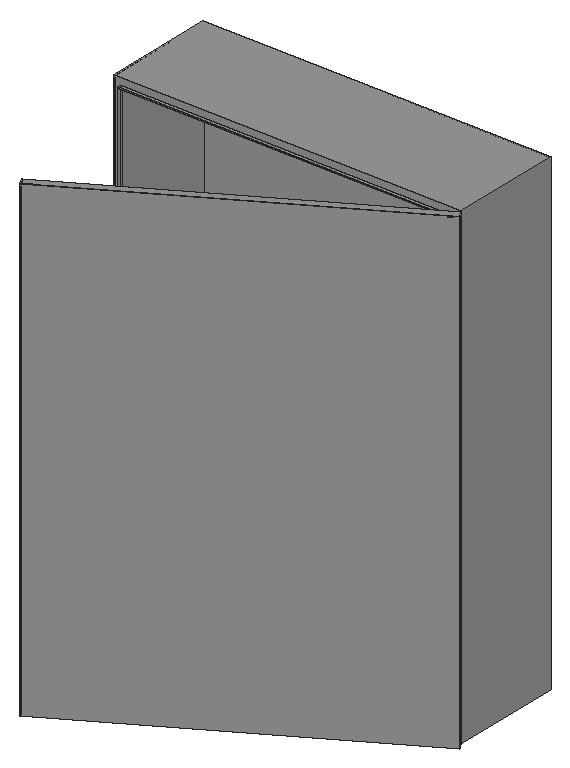
Revit family "Hager-Univers-IP55-D275-H1100-Cl.I-Steel_encl-NoHosted-AT-de", category Equipement électrique, Revit 2020
Family settings
  Configuration du panneau = Deux colonnes, circuits au sein
  Cote de connecteur circulaire = Utiliser le diamètre
  Type d'élément = Tableau de raccordement
  Basée sur le plan de construction = Oui
  Toujours verticalement = Oui
  Couper avec des vides une fois chargée = Non
  Partagée = Non
  Point de calcul de pièce = Non
Parameters (values of type "Aufputz IP55 B800 H1100 T275  - FR73E")
  Width Control [instance] = if([EF000008 - Breite] > Min Width, [EF000008 - Breite], Min Width)  # 800 mm
  Commentaires du type = [HG000003 - Bereich]  # "Univers"
  Thickness Door [instance] = if([EF009171 - Materialstärke Tür/Deckel] > 3 mm, 3 mm, [EF009171 - Materialstärke Tür/Deckel])  # 1.5 mm
  Seal Frame Offset [instance] = 17 mm  # constant formula
  Plinth Visibility [instance] = [HG000027 - Sockelhöhe] > 0 mm  # no
  Min Width [instance] = 100 mm  # constant formula
  Min Depth [instance] = (2 * [EF009170 - Materialstärke Gehäuse]) + 1 mm  # 4 mm
  Min Height [instance] = 100 mm  # constant formula
  Internal Frame Depth [instance] = (Door System Depth * 0.5)  # 9 mm
  Panel Name [instance] = ""  # (empty or 0)
  Model = ""
  HG000027 - Sockelhöhe = 0 mm
  HG000026 - Stehend auf dem Boden = no
  HG000024 - Höhe des unteren Teils = 600 mm
  HG000023 - Gehäuse mit doppeltem Querschnitt = no
  HG000016 - 3D-Türsichtbarkeit [instance] = yes
  HG000015 - Sichtbarkeit der Türöffnung [instance] = no
  HG000014 - Tür rechts [instance] = yes
  HG000013 - Tür links [instance] = not([HG000014 - Tür rechts])  # no
  HG000012 - Türschwenkwinkel [instance] = 30.00°
  HG000010 - Asymmetrische Türen = no
  HG000009 - Doppelflügeligen Tür = no
  HG000006 - Unterputz = no
  HG000004 - Herstellerreferenz = "FR73E"
  HG000003 - Bereich = "Univers"
  HG000002 - Mit tür = yes
  Frame Offset Bottom [instance] = 10 mm  # constant formula
  Frame Offset [instance] = 15 mm  # constant formula
  EF015940 - Deckel mit Überdruckentlastung = no
  EF011959 - Schutzart (NEMA) = ""
  EF009554 - Anzahl der Öffnungen für Flanschplatten = 6
  EF009212 - Ausführung Deckel = "EV000116 - geschlossen"
  EF009171 - Materialstärke Tür/Deckel = 1.5 mm
  EF009170 - Materialstärke Gehäuse = 1.5 mm
  EF008873 - Nennstrom (In) = 800 A
  EF007800 - Geeignet für Blitzschutz = no
  EF006306 - Mit Schloss = no
  EF006244 - Transparenter Deckel/Tür = no
  EF005474 - Schutzart (IP) = "EV006420 - IP55"
  EF004464 - Art der Tür = "EV002646 - Einzel"
  EF004427 - Anzahl der Module = 252
  EF004293 - Schlagfestigkeit = "EV008784 - IK10"
  EF003532 - Geeignet für Außengebrauch = no
  EF002950 - Breite in Teilungseinheiten = 24
  EF001613 - Funktionserhalt = "EV000494 - ohne"
  EF001596 - Werkstoff des Gehäuses = "EV000179 - Stahl"
  EF001131 - Innentiefe = 275 mm
  EF001088 - Anbaumöglichkeit = yes
  EF000437 - Anzahl der Leitungseinführungen = 6
  EF000339 - Art der Abdeckung = "EV004216 - Tür"
  EF000266 - Anzahl der Reihen = 7
  EF000218 - Einbautiefe = 0 mm
  EF000118 - Mit Montageplatte = no
  EF000116 - RAL-Nummer = "7035"
  EF000049 - Tiefe = 275 mm
  EF000040 - Höhe = 1100 mm
  EF000008 - Breite = 800 mm
  EF000007 - Farbe = "EV000270 - grau"
  EF000003 - Montageart = "EV000384 - Aufputz"
  Door System Leaf Tolerance [instance] = 1.5 mm  # constant formula
  Door System Depth [instance] = 18 mm  # constant formula
  Door Height [instance] = Height Control - [HG000027 - Sockelhöhe]  # 1100 mm
  Description = ""
  Default Elevation = 1219.2 mm
  Connector Offset [instance] = Height Control / 2  # 550 mm
  Fabricant = "Hager"  # constant formula
  Height Control [instance] = if([EF000040 - Höhe] > Min Height, [EF000040 - Höhe], Min Height)  # 1100 mm
  Depth Control [instance] = if([EF000049 - Tiefe] > Min Depth, [EF000049 - Tiefe], Min Depth)  # 275 mm
  Bottom Top Plate Trim [instance] = 1.5 mm  # constant formula
  Plinth height Ctrl [instance] = if([HG000027 - Sockelhöhe] > 0 mm, [HG000027 - Sockelhöhe], 12 mm)  # 12 mm
Types (5, lengths in mm): name | Width Control | HG000010 - Asymmetrische Türen | HG000009 - Doppelflügeligen Tür | HG000004 - Herstellerreferenz | EF009554 - Anzahl der Öffnungen für Flanschplatten | EF004464 - Art der Tür | EF004427 - Anzahl der Module | EF000437 - Anzahl der Leitungseinführungen | EF000008 - Breite
  Aufputz IP55 B1050 H1100 T275  - FR74E | 1050 | no | yes | "FR74E" | 8 | "EV003602 - Doppel" | 336 | 8 | 1050
  Aufputz IP55 B1300 H1100 T275  - FR75E | 1300 | yes | yes | "FR75E" | 10 | "EV003602 - Doppel" | 420 | 10 | 1300
  Aufputz IP55 B300 H1100 T275  - FR71E | 300 | no | no | "FR71E" | 2 | "EV002646 - Einzel" | 84 | 2 | 300
  Aufputz IP55 B550 H1100 T275  - FR72E | 550 | no | no | "FR72E" | 4 | "EV002646 - Einzel" | 168 | 4 | 550
  Aufputz IP55 B800 H1100 T275  - FR73E | 800 | no | no | "FR73E" | 6 | "EV002646 - Einzel" | 252 | 6 | 800
Reference planes
  plane 1 "Center (Front/Back)": y = 0
  plane 2: z = 0
  plane 3 "Center (Left/Right)": x = 0
  plane 4: y = 0
  plane 5: y = 0
  plane 6: z = 0
  plane 7: x = -400
  plane 8: x = 400
  plane 9: x = 398.5
  plane 10: x = -398.5
  plane 11: z = 0
  plane 12: z = 1.5
  plane 13: y = -275
  plane 14: y = -1.5
  plane 15: x = 0
  plane 16: y = -257
  plane 17: y = -273.5
  plane 18: y = -255.5
  plane 19: x = -383.5
  plane 20: x = 383.5
  plane 21: z = 11.5
  plane 22: x = -383
  plane 23: x = 383
  plane 24: z = 0
  plane 25: z = 1100
  plane 26: z = 1100
  plane 27: z = 1083.5
  plane 28: z = 1098.5
Forms (mm)
  Extrusion 1, solid, material "Hager_Steel_RAL7035_Light_Grey", detail levels medium+fine
    sketch origin (-208.679, -4572, 0) x (-1, 0, 0) y (0, -1, 0)
      loop
        line (191.321, -4315) -> (-608.679, -4315) -> (-608.679, -4572) -> (191.321, -4572) -> (191.321, -4315)
    from 0 to 1100
  Extrusion 2, void
    sketch origin (-350.771, -275, 1219.2) x (1, 0, 0) y (0, 0, 1)
      loop
        line (-47.729, -120.7) -> (-47.729, -1217.7) -> (749.271, -1217.7) -> (749.271, -120.7) -> (-47.729, -120.7)
    from -19.5 to -273.5
  Extrusion 3, void
    sketch origin (-290.084, -257, 1219.2) x (1, 0, 0) y (0, 0, 1)
      loop
        line (-93.416, -1207.7) -> (673.584, -1207.7) -> (673.584, -135.7) -> (-93.416, -135.7) -> (-93.416, -1207.7)
    from 0 to -1.5
  Extrusion 4, solid, material "Hager_Steel_RAL7035_Light_Grey", visible <- "Plinth Visibility", detail levels medium+fine
    sketch origin (0, 0, 0) x (1, 0, 0) y (0, 1, 0)
      loop
        line (-400, 0) -> (-400, -257) -> (400, -257) -> (400, 0) -> (-400, 0)
    from 0 to 12 <- "Plinth height Ctrl"
  Extrusion 5, solid, material "Hager_Steel_RAL7035_Light_Grey", detail levels coarse
    sketch origin (0, 0, 0) x (1, 0, 0) y (0, 1, 0)
      loop
        line (-400, 0) -> (-400, -275) -> (400, -275) -> (400, 0) -> (-400, 0)
    from 0 to 1100 <- "Height Control"
  Sweep 6, void
    path in 3D
      loop
        line (-400, -257, 12) -> (400, -257, 12) -> (400, 0, 12) -> (-400, 0, 12) -> (-400, -257, 12)
    profile origin (-400, -128.5, 12) x (1, 0, 0) y (0, 0, 1)
      loop
        line (0, 0) -> (0, -1.5) -> (1.5, -1.5)
        arc (1.5, -1.5) -> (1.061, -0.439) -> (0, 0) r 1.5
  Extrusion 7, solid, material "Hager_Steel_RAL7035_Light_Grey", detail levels fine
    sketch origin (-400, -257, 0) x (1, 0, 0) y (0, 0, 1)
      loop
        line (16.5, 11.5) -> (783.5, 11.5) -> (783.5, 1083.5) -> (16.5, 1083.5) -> (16.5, 11.5)
      loop
        line (15, 10) -> (785, 10) -> (785, 1085) -> (15, 1085) -> (15, 10)
    from 0 to 9 <- "Internal Frame Depth"
Cuts and joins
  Extrusion 2, Extrusion 3 cuts Extrusion 1
  Sweep 6 cuts Extrusion 4
Lines and regions (mm)
  Masking region 1
    outline origin (0, 0, 0) x (1, 0, 0) y (0, 1, 0)
      loop
        line (-400, 0) -> (-400, -275) -> (400, -275) -> (400, 0) -> (-400, 0)
  Masking region 2, detail levels coarse
    outline origin (-290.084, -257, 1219.2) x (-1, 0, 0) y (0, 0, 1)
      loop
        line (-690.084, -1219.2) -> (109.916, -1219.2) -> (109.916, -119.2) -> (-690.084, -119.2) -> (-690.084, -1219.2)
  Masking region 3, detail levels coarse
    outline origin (0, 0, 0) x (0, 1, 0) y (0, 0, 1)
      loop
        line (0, 0) -> (0, 1100) -> (-275, 1100) -> (-275, 0) -> (0, 0)
  Masking region 4, visible <- "Plinth Visibility", detail levels medium+fine
    outline origin (0, 0, 0) x (0, 1, 0) y (0, 0, 1)
      loop
        line (-1.5, 12) -> (-255.5, 12)
        arc (-255.5, 12) -> (-255.939, 10.939) -> (-257, 10.5) r 1.5
        line (-257, 10.5) -> (-257, 0) -> (0, 0) -> (0, 10.5)
        arc (0, 10.5) -> (-1.061, 10.939) -> (-1.5, 12) r 1.5
  Masking region 5, detail levels medium+fine
    outline origin (0, 0, 594.038) x (0, 1, 0) y (0, 0, 1)
      loop
        line (0, -594.038) -> (0, 505.962) -> (-257, 505.962) -> (-257, -594.038) -> (0, -594.038)
  Masking region 6, detail levels medium+fine
    outline origin (-359.7, -257, 1211.883) x (-1, 0, 0) y (0, 0, 1)
      loop
        line (-759.7, -1211.883) -> (40.3, -1211.883) -> (40.3, -111.883) -> (-759.7, -111.883) -> (-759.7, -1211.883)
  Masking region 7, visible <- "Plinth Visibility", detail levels medium+fine
    outline origin (-320.334, -257, 1041.368) x (-1, 0, 0) y (0, 0, 1)
      loop
        line (-720.334, -1041.368) -> (79.666, -1041.368) -> (79.666, -1030.868)
        arc (79.666, -1030.868) -> (78.606, -1030.429) -> (78.166, -1029.368) r 1.5
        line (78.166, -1029.368) -> (-718.834, -1029.368)
        arc (-718.834, -1029.368) -> (-719.273, -1030.429) -> (-720.334, -1030.868) r 1.5
        line (-720.334, -1030.868) -> (-720.334, -1041.368)
  sketch lines
    curve 1: line (-400, 0, 12) -> (-400, -257, 12)
    curve 2: line (-400, -257, 12) -> (400, -257, 12)
    curve 3: line (400, 0, 12) -> (-400, 0, 12)
    curve 4: line (400, -257, 12) -> (400, 0, 12)
Dimensions and locks
  locked: plane 1 "Center (Front/Back)" to plane 5
  "EF009170 - Materialstärke Gehäuse": plane 7 to plane 10
  "EF009170 - Materialstärke Gehäuse": plane 8 to plane 9
  equal spacing: plane 7, plane 3 "Center (Left/Right)", plane 8
  "Width Control": plane 7 to plane 8
  "Depth Control": plane 4 to plane 13
  "EF009170 - Materialstärke Gehäuse": plane 4 to plane 14
  "Height Control": plane 25 to level
  "HG000027 - Sockelhöhe": plane 11 to level
  "EF009170 - Materialstärke Gehäuse": plane 12 to plane 11
  "EF009170 - Materialstärke Gehäuse": plane 17 to plane 13
  "EF009170 - Materialstärke Gehäuse": plane 18 to plane 16
  "Frame Offset Bottom": plane 21 to plane 12
  "Frame Offset": plane 10 to plane 19
  "Frame Offset": plane 9 to plane 20
  "Door System Depth": plane 16 to plane 13
  "Seal Frame Offset": plane 7 to plane 22
  "Seal Frame Offset": plane 8 to plane 23
  "EF009170 - Materialstärke Gehäuse": plane 26 to plane 28
  "Frame Offset": plane 28 to plane 27
  "Connector Offset": plane 2 to connector elem
  "Bottom Top Plate Trim": profile plane to Sweep 6 sketch curve
  "Bottom Top Plate Trim": Sweep 6 sketch curve to Sweep 6 sketch curve
  "Plinth height Ctrl": Masking region 4 sketch curve to level
  "Plinth height Ctrl": Masking region 7 sketch curve to level
  "Thickness Door": Extrusion 7 sketch curve to Extrusion 7 sketch curve  (x4)
  "Bottom Top Plate Trim": radius of Sweep 6 sketch curve
  "Bottom Top Plate Trim": radius of Masking region 4 sketch curve  (x2)
  "Bottom Top Plate Trim": radius of Masking region 7 sketch curve  (x2)
  aligned and locked: Extrusion 2 sketch curve to plane 12
  aligned and locked: Extrusion 2 sketch curve to plane 9
  aligned and locked: Extrusion 2 sketch curve to plane 10
  aligned and locked: Extrusion 2 to plane 14
  aligned and locked: Extrusion 1 sketch curve to plane 4
  aligned and locked: plane 8 to Extrusion 1 sketch curve
  aligned and locked: plane 7 to Extrusion 1 sketch curve
  aligned and locked: Extrusion 2 to plane 18
  aligned and locked: Extrusion 3 sketch curve to plane 19
  aligned and locked: plane 20 to Extrusion 3 sketch curve
  aligned and locked: Extrusion 3 to Extrusion 2
  aligned and locked: Extrusion 3 sketch curve to plane 21
  aligned and locked: plane 3 "Center (Left/Right)" to nested 1
  aligned and locked: Extrusion 1 sketch curve to plane 16
  aligned and locked: Extrusion 4 sketch curve to cut or joined group of Extrusion 1, Extrusion 2, Extrusion 3
  aligned and locked: Masking region 1 sketch curve to plane 7
  aligned and locked: Masking region 1 sketch curve to plane 5
  aligned and locked: Masking region 1 sketch curve to plane 8
  aligned and locked: Masking region 2 sketch curve to level
  aligned and locked: level to Masking region 3 sketch curve
  aligned and locked: plane 1 "Center (Front/Back)" to Masking region 3 sketch curve
  aligned and locked: plane 13 to Masking region 3 sketch curve
  aligned and locked: plane 5 to Masking region 4 sketch curve
  aligned and locked: Masking region 2 sketch curve to plane 8
  aligned and locked: Masking region 2 sketch curve to plane 7
  aligned and locked: plane 7 to nested 2
  aligned and locked: nested 2 to plane 5
  aligned and locked: plane 5 to Masking region 5 sketch curve
  aligned and locked: plane 26 to Masking region 5 sketch curve
  aligned and locked: Extrusion 5 sketch curve to plane 8
  aligned and locked: Extrusion 5 sketch curve to plane 7
  aligned and locked: Extrusion 5 sketch curve to plane 5
  aligned and locked: Extrusion 3 sketch curve to plane 27
  aligned and locked: Extrusion 2 sketch curve to plane 28
  aligned and locked: Masking region 2 to plane 25
  aligned and locked: Extrusion 4 to plane 16
  aligned and locked: profile plane to Sweep 6 sketch curve
  aligned and locked: Masking region 5 sketch curve to plane 24
  aligned and locked: level to Masking region 4 sketch curve
  aligned and locked: Masking region 1 to plane 13
  aligned and locked: nested 1 to plane 16
  aligned and locked: Masking region 3 to plane 25
  aligned and locked: plane 16 to Masking region 4 sketch curve
  aligned and locked: Masking region 5 sketch curve to plane 16
  aligned and locked: plane 24 to plane 11
  aligned and locked: plane 26 to plane 25
  aligned and locked: plane 26 to cut or joined group of Extrusion 1, Extrusion 2, Extrusion 3
  aligned and locked: nested 1 to plane 24
  aligned and locked: Extrusion 1 to Extrusion 3
  aligned and locked: Masking region 6 sketch curve to plane 8
  aligned and locked: Masking region 6 sketch curve to plane 24
  aligned and locked: Masking region 6 sketch curve to plane 7
  aligned and locked: Masking region 6 sketch curve to plane 26
  aligned and locked: Masking region 7 sketch curve to plane 7
  aligned and locked: level to Masking region 7 sketch curve
  aligned and locked: Masking region 7 sketch curve to plane 8
  aligned and locked: Extrusion 7 sketch curve to cut or joined group of Extrusion 1, Extrusion 2, Extrusion 3  (x4)
Automatic sketch dimensions
  plane 19 to Extrusion 3 sketch curve = 0 mm
  Extrusion 3 sketch curve to plane 20 = 0 mm
  Extrusion 3 sketch curve to plane 21 = 0 mm
  Extrusion 4 sketch curve to plane 7 = 0 mm
  Extrusion 4 sketch curve to plane 8 = 0 mm
  Extrusion 4 sketch curve to plane 16 = 0 mm
  Masking region 1 sketch curve to plane 13 = 0 mm
  Masking region 2 sketch curve to plane 25 = 0 mm
  Masking region 3 sketch curve to plane 25 = 0 mm
  Extrusion 5 sketch curve to plane 13 = 0 mm
  profile plane to Sweep 6 sketch curve = 0 mm
Nested families
  nested 1: "EC000058_Univers_Door" at (0, -257, 0), Double <- "HG000009 - Doppelflügeligen Tür", Transparent <- "EF006244 - Transparenter Deckel/Tür", Angle <- "HG000012 - Türschwenkwinkel", Door_Right <- "HG000014 - Tür rechts", Assymetrical <- "HG000010 - Asymmetrische Türen", Door <- "HG000002 - Mit tür", Width_Ctrl <- "Width Control", 3d_Door <- "HG000016 - 3D-Türsichtbarkeit", Clearance <- "HG000015 - Sichtbarkeit der Türöffnung", Door_Left <- "HG000013 - Tür links", Width <- "Width Control", Door_Depth <- "Door System Depth", Leaf_Tolerance <- "Door System Leaf Tolerance", Height <- "Door Height", Lock_Visibility <- "EF006306 - Mit Schloss", Thickness <- "Thickness Door", type "EC000058_Univers_Door", detail levels medium+fine
    with min_wh 4 mm, Width_Ctrl 800 mm, Width 800 mm, Transparent no, Thickness 1.5 mm, Seal_Material Hager_Rubber, Lock_Visibility no, Lock_Material Hager_Plastic_RAL9005_Jet_Black, Leaf_Width 800 mm, Leaf_Tolerance_External_Sides 0 mm, Leaf_Tolerance 1.5 mm, Leaf_Offset 0 mm, Leaf_Height 1097 mm, Leaf_2_Width 800 mm, Leaf_2_Offset 400 mm, Leaf_1_Width 800 mm, Leaf_1_Offset 400 mm, Height_Ctrl 1100 mm, Height 1100 mm, Glass_Material Hager_Glass, Double_Clearance_Ctrl no, Double no, Door_Right_Ctrl yes, Door_Right yes, Door_Material Hager_Steel_RAL7035_Light_Grey, Door_Left_Ctrl no, Door_Left no, Door_Depth 18 mm, Door yes, Clearance_Material Hager_Clearance, Clearance_Depth 800 mm, Clearance_Ctrl no, Clearance no, Assymetrical no, Angle 30.00°, 3d_Door yes
  nested 2: "Hager_Enclosure_Symbol" at (-400, 0, 0), Height <- "Depth Control", Width <- "Width Control", type "Hager_Enclosure_Symbol"
    with Width_Ctrl 800 mm, Width 800 mm, Height_Ctrl 275 mm, Height 275 mm, A_Width_Int 18.047 mm, A_Width 216.562 mm, A_Height_Ctrl 240.625 mm, A_Height 240.625 mm
Connectors
  electrical at (0, 0, 550)
    settings: on plane 1 "Center (Front/Back)", index 1, voltage 0 V, apparent load 0 VA, apparent load phase1 0 VA, apparent load phase2 0 VA, apparent load phase3 0 VA, power factor 1, load classification "Other", number of poles 1, system type 30, power factor state 1, is connector primary yes, connector utility no, sub classification motor no, connector description ""
Definition of nested family "EC000058_Univers_Door"
  Parameters (values of type "EC000058_Univers_Door")
    min_wh [instance] = (2 * Thickness) + 1 mm  # 11 mm
    Width_Ctrl [instance] = 400 mm
    Width [instance] = 500 mm
    Transparent [instance] = yes
    Thickness [instance] = 5 mm
    Seal_Material [instance] = none
    Lock_Visibility [instance] = yes
    Lock_Material [instance] = none
    Leaf_Width [instance] = if((Width_Ctrl - 2 * Leaf_Tolerance_External_Sides) > 0 mm, (Width_Ctrl - 2 * Leaf_Tolerance_External_Sides), min_wh)  # 400 mm
    Leaf_Tolerance_External_Sides [instance] = 0 mm  # constant formula
    Leaf_Tolerance [instance] = 1.5 mm
    Leaf_Offset [instance] = 0 mm  # constant formula
    Leaf_Height [instance] = if((Height_Ctrl - 2 * Leaf_Tolerance) > 0 mm, (Height_Ctrl - 2 * Leaf_Tolerance), min_wh)  # 497 mm
    Leaf_2_Width [instance] = if(and(and(Double, Assymetrical), Door_Left), (Leaf_Width / 3) - (Leaf_Tolerance / 2), if(and(and(Double, Assymetrical), Door_Right), (Leaf_Width / 3) * 2 - (Leaf_Tolerance / 2), if(and(Double, not(Assymetrical)), (Leaf_Width / 2) - Leaf_Tolerance, Leaf_Width)))  # 400 mm
    Leaf_2_Offset [instance] = if(and(Double, Assymetrical), Leaf_2_Width / 2, if(and(Double, not(Assymetrical)), Leaf_Width / 4, Leaf_Width / 2))  # 200 mm
    Leaf_1_Width [instance] = if(and(and(Double, Assymetrical), Door_Right), (Leaf_Width / 3) - (Leaf_Tolerance / 2), if(and(and(Double, Assymetrical), Door_Left), (Width / 3) * 2 - (Leaf_Tolerance / 2), if(and(Double, not(Assymetrical)), (Leaf_Width / 2) - Leaf_Tolerance, Leaf_Width)))  # 400 mm
    Leaf_1_Offset [instance] = if(and(Double, Assymetrical), Leaf_1_Width / 2, if(and(Double, not(Assymetrical)), Leaf_Width / 4, Leaf_Width / 2))  # 200 mm
    Height_Ctrl [instance] = if(Height > min_wh, Height, min_wh)  # 500 mm
    Height [instance] = 500 mm
    Glass_Material [instance] = none
    Double_Clearance_Ctrl [instance] = and(Double, Clearance)  # no
    Double [instance] = no
    Door_Right_Ctrl [instance] = and(or(Door_Right, Double), Door)  # yes
    Door_Right [instance] = yes
    Door_Material [instance] = none
    Door_Left_Ctrl [instance] = and(or(Door_Left, Double), Door)  # no
    Door_Left [instance] = no
    Door_Depth [instance] = 30 mm
    Door [instance] = yes
    Default Elevation = 1219.2 mm
    Clearance_Material [instance] = none
    Clearance_Depth [instance] = if(Leaf_1_Width > Leaf_2_Width, Leaf_1_Width, Leaf_2_Width)  # 400 mm
    Clearance_Ctrl [instance] = and(not(Double), Clearance)  # yes
    Clearance [instance] = yes
    Assymetrical [instance] = yes
    Angle [instance] = 30.00°
    3d_Door [instance] = yes
  Reference planes
    plane 1 "Center (Front/Back)": y = 0
    plane 2 "Bottom": z = 0
    plane 3 "Center (Left/Right)": x = 0
    plane 4: z = 500
    plane 5: x = -200
    plane 6: x = 200
    plane 7: z = 500
    plane 8: x = -200
    plane 9: z = 0
    plane 10: x = 200
    plane 11: y = 0
    plane 12: z = 1.5
    plane 13: x = -600
    plane 14: y = -400
    plane 15: x = 600
    plane 16: x = 0
    plane 17: x = 0
    plane 18: x = -200
    plane 19: x = 200
    plane 20: z = 498.5
  Forms (mm)
    Extrusion 1, solid, material <- "Clearance_Material", visible <- "Double_Clearance_Ctrl"
      sketch origin (1200, 0, 0) x (1, 0, 0) y (0, 0, -1)
        loop
          line (-1800, -498.5) -> (-600, -498.5) -> (-600, 0) -> (-1800, 0) -> (-1800, -498.5)
      from 0 to -400
  Dimensions and locks
    equal spacing: plane 5, plane 3 "Center (Left/Right)", plane 6
    "Width_Ctrl": plane 5 to plane 6
    "Leaf_Offset": plane 5 to plane 8
    "Leaf_Offset": plane 6 to plane 10
    "Leaf_Offset": plane 9 to level
    "Leaf_Offset": plane 4 to plane 7
    "Height_Ctrl": plane 4 to level
    "Leaf_Tolerance": plane 12 to plane 9
    locked: plane 11 to plane 1 "Center (Front/Back)"
    "Leaf_1_Offset": plane 18 to plane 16
    "Leaf_2_Offset": plane 17 to plane 19
    "Leaf_1_Width": plane 13 to plane 8
    "Leaf_2_Width": plane 10 to plane 15
    "Clearance_Depth": plane 14 to plane 1 "Center (Front/Back)"
    "Leaf_Tolerance_External_Sides": plane 8 to plane 18
    "Leaf_Tolerance_External_Sides": plane 19 to plane 10
    "Leaf_Tolerance": plane 7 to plane 20
    aligned and locked: level to plane 2 "Bottom"
    aligned and locked: nested 1 to plane 16
    aligned and locked: nested 2 to plane 17
    aligned and locked: Extrusion 1 to plane 13
    aligned and locked: plane 15 to Extrusion 1
    aligned and locked: Extrusion 1 to plane 14
    aligned and locked: plane 12 to nested 1
    aligned and locked: nested 2 to plane 12
    aligned and locked: Extrusion 1 to plane 11
    aligned and locked: plane 20 to Extrusion 1
    aligned and locked: nested 2 to plane 11
    aligned and locked: nested 1 to plane 11
  Automatic sketch dimensions
    Extrusion 1 sketch curve to level = 0 mm
    plane 5 to Extrusion 1 sketch curve = 400 mm
    plane 6 to Extrusion 1 sketch curve = 400 mm
    Extrusion 1 sketch curve to plane 4 = 1.5 mm
  Nested families
    nested 1: "EC000058_Univers_Door_Leaf" at (0, 0, 1.5), Width <- "Leaf_1_Width", visible <- "Door_Left_Ctrl", Leaf_Height <- "Leaf_Height", Angle <- "Angle", 3d_Door <- "3d_Door", Transparent <- "Transparent", Clearance Material <- "Clearance_Material", Clearance <- "Clearance_Ctrl", Door_Material <- "Door_Material", Glass_Material <- "Glass_Material", Door_Depth <- "Door_Depth", Lock_Material <- "Lock_Material", Seal_Material <- "Seal_Material", Lock_Visibility <- "Lock_Visibility", Thickness <- "Thickness", type "EC000058_Univers_Door_Leaf"
      with Width 400 mm, Transparent_Glass_Offset 30 mm, Transparent_Ctrl yes, Transparent yes, Thickness 5 mm, Standard no, Seal_Material none, Seal_D2 8 mm, Seal_D1 1 mm, Offset_Internal_Frame 10 mm, Lock_Width 20 mm, Lock_Visibility_3d yes, Lock_Visibility yes, Lock_Thickness_3 3 mm, Lock_Thickness_2 1 mm, Lock_Thickness_1 3 mm, Lock_Radius_Offset_2 16 mm, Lock_Radius_Offset_1 15 mm, Lock_Radius_2 5 mm, Lock_Radius 6 mm, Lock_Offset 5 mm, Lock_Material none, Lock_Height 80 mm, Lock_Cover_Top_Offset_2d 17 mm, Lock_Cover_Height -65 mm, Leaf_Height 497 mm, Internal_Seal_Thickness 8 mm, Internal_Seal_Depth_2 4.5 mm, Internal_Frame_Depth 25 mm, Glass_Thickness -1 mm, Glass_Offset -2 mm, Glass_Material none, Door_Material none, Door_Depth 30 mm, Clearance Material none, Clearance yes, Angle_Ctrl 30.00°, Angle 30.00°, 3d_Door yes
    nested 2: "EC000058_Univers_Door_Leaf" at (0, 0, 1.5) x (-1, 0, 0) z (0, 0, 1), Width <- "Leaf_2_Width", visible <- "Door_Right_Ctrl", Leaf_Height <- "Leaf_Height", Angle <- "Angle", 3d_Door <- "3d_Door", Transparent <- "Transparent", Clearance Material <- "Clearance_Material", Clearance <- "Clearance_Ctrl", Door_Material <- "Door_Material", Glass_Material <- "Glass_Material", Door_Depth <- "Door_Depth", Lock_Material <- "Lock_Material", Seal_Material <- "Seal_Material", Lock_Visibility <- "Lock_Visibility", Thickness <- "Thickness", type "EC000058_Univers_Door_Leaf"
      with Width 400 mm, Transparent_Glass_Offset 30 mm, Transparent_Ctrl yes, Transparent yes, Thickness 5 mm, Standard no, Seal_Material none, Seal_D2 8 mm, Seal_D1 1 mm, Offset_Internal_Frame 10 mm, Lock_Width 20 mm, Lock_Visibility_3d yes, Lock_Visibility yes, Lock_Thickness_3 3 mm, Lock_Thickness_2 1 mm, Lock_Thickness_1 3 mm, Lock_Radius_Offset_2 16 mm, Lock_Radius_Offset_1 15 mm, Lock_Radius_2 5 mm, Lock_Radius 6 mm, Lock_Offset 5 mm, Lock_Material none, Lock_Height 80 mm, Lock_Cover_Top_Offset_2d 17 mm, Lock_Cover_Height -65 mm, Leaf_Height 497 mm, Internal_Seal_Thickness 8 mm, Internal_Seal_Depth_2 4.5 mm, Internal_Frame_Depth 25 mm, Glass_Thickness -1 mm, Glass_Offset -2 mm, Glass_Material none, Door_Material none, Door_Depth 30 mm, Clearance Material none, Clearance yes, Angle_Ctrl 30.00°, Angle 30.00°, 3d_Door yes
  Definition of nested family "EC000058_Univers_Door_Leaf"
    Parameters (values of type "EC000058_Univers_Door_Leaf")
      Width [instance] = 2000 mm
      Transparent_Glass_Offset [instance] = 30 mm
      Transparent_Ctrl [instance] = and(Transparent, [3d_Door])  # yes
      Transparent [instance] = yes
      Thickness [instance] = 5 mm
      Standard [instance] = and(not(Transparent), [3d_Door])  # no
      Seal_Material [instance] = none
      Seal_D2 [instance] = 8 mm  # constant formula
      Seal_D1 [instance] = 1 mm  # constant formula
      Offset_Internal_Frame [instance] = 10 mm  # constant formula
      Lock_Width [instance] = 20 mm  # constant formula
      Lock_Visibility_3d [instance] = and(Lock_Visibility, [3d_Door])  # yes
      Lock_Visibility [instance] = yes
      Lock_Thickness_3 [instance] = 3 mm  # constant formula
      Lock_Thickness_2 [instance] = 1 mm  # constant formula
      Lock_Thickness_1 [instance] = 3 mm  # constant formula
      Lock_Radius_Offset_2 [instance] = Lock_Radius_Offset_1 + 1 mm  # 16 mm
      Lock_Radius_Offset_1 [instance] = 15 mm  # constant formula
      Lock_Radius_2 [instance] = Lock_Radius - 1 mm  # 5 mm
      Lock_Radius [instance] = 6 mm  # constant formula
      Lock_Offset [instance] = 5 mm  # constant formula
      Lock_Material [instance] = none
      Lock_Height [instance] = 80 mm  # constant formula
      Lock_Cover_Top_Offset_2d [instance] = Lock_Radius_Offset_2 + 1 mm  # 17 mm
      Lock_Cover_Height [instance] = -(Lock_Height - Lock_Radius_Offset_1)  # -65 mm
      Leaf_Height [instance] = 2720.336 mm
      Internal_Seal_Thickness [instance] = 8 mm  # constant formula
      Internal_Seal_Depth_2 [instance] = 4.5 mm  # constant formula
      Internal_Frame_Depth [instance] = if(Door_Depth - Thickness > 5 mm, Door_Depth - Thickness, 5 mm)  # 25 mm
      Glass_Thickness [instance] = if(Thickness > 15 mm, Glass_Offset + 10 mm, -1 mm)  # -1 mm
      Glass_Offset [instance] = if(Thickness > 15 mm, -(Thickness + 10 mm) / 2, -2 mm)  # -2 mm
      Glass_Material [instance] = none
      Door_Material [instance] = none
      Door_Depth [instance] = 30 mm
      Default Elevation = 0 mm
      Clearance Material [instance] = none
      Clearance [instance] = yes
      Angle_Ctrl [instance] = if(Angle > 180.00°, 180.00°, Angle)  # 90.00°
      Angle [instance] = 90.00°
      3d_Door [instance] = yes
    Reference planes
      plane 1 "Center (Front/Back)": y = 0
      plane 2: z = 0
      plane 3 "Center (Left/Right)": x = 0
      plane 4: y = 2000
      plane 5: x = -1000
      plane 6: x = 1000
      plane 7: x = -3000
      plane 8: z = 2720.336
      plane 9: z = 30
      plane 10: z = 2690.336
      plane 11: x = 970
      plane 12: x = -970
      plane 13: y = -3
      plane 14: z = 107.833
      plane 15: y = -5
      plane 16: y = -223.314
      plane 17: x = -1000
      plane 18: z = 1360.168
      plane 19: y = 30
    Forms (mm)
      Extrusion 1, solid, material <- "Clearance Material", visible <- "Clearance"
        sketch origin (0, 0, 0) x (1, 0, 0) y (0, 0, 1)
          loop
            line (-3000, 2720.336) -> (-3000, 0) -> (1000, 0) -> (1000, 2720.336) -> (-3000, 2720.336)
        from 0 to -2000
      Extrusion 2, solid, material <- "Door_Material", visible <- "Standard", detail levels medium+fine
        sketch origin (-1000, 0, 0) x (0, 1, 0) y (-1, 0, 0)
          loop
            line (0, 30) -> (0, 25) -> (2000, 25) -> (2000, 30) -> (0, 30)
        from 0 to 2720.336 <- "Leaf_Height"
      Extrusion 3, solid, material <- "Door_Material", visible <- "Transparent_Ctrl", detail levels medium+fine
        sketch origin (-1000, 0, 0) x (0, 1, 0) y (-1, 0, 0)
          loop
            line (0, 25) -> (2000, 25) -> (2000, 30) -> (0, 30) -> (0, 25)
        from 0 to 2720.336 <- "Leaf_Height"
      Extrusion 4, void
        sketch origin (-1025, 2000, 0) x (0, 1, 0) y (0, 0, -1)
          loop
            line (-30, -2690.336) -> (-30, -30) -> (-1970, -30) -> (-1970, -2690.336) -> (-30, -2690.336)
        from 0 to 5 <- "Thickness"
      Sweep 5, solid, material <- "Seal_Material", visible <- "Transparent_Ctrl", detail levels fine
        path in 3D
          loop
            line (-1025, 30, 30) -> (-1025, 30, 2690.336) -> (-1025, 1970, 2690.336) -> (-1025, 1970, 30) -> (-1025, 30, 30)
        profile origin (-1025, 1000, 30) x (1, 0, 0) y (0, 0, 1)
          loop
            line (0, 0) -> (0, -8) -> (1, -8) -> (1, 0) -> (0, 0)
      Extrusion 6, solid, material <- "Glass_Material", visible <- "Transparent_Ctrl", detail levels medium+fine
        sketch origin (-1030, 0, 0) x (0, 1, 0) y (0, 0, -1)
          loop
            line (1970, -2690.336) -> (1970, -30) -> (30, -30) -> (30, -2690.336) -> (1970, -2690.336)
        from -2 <- "Glass_Offset" to -1 <- "Glass_Thickness"
      Extrusion 7, solid, material <- "Door_Material", visible <- "3d_Door", detail levels medium+fine
        sketch origin (-1025, 2000, 0) x (0, -1, 0) y (0, 0, -1)
          loop
            line (0, -2720.336) -> (2000, -2720.336) -> (2000, 0) -> (0, 0) -> (0, -2720.336)
          loop
            line (1995, -5) -> (5, -5) -> (5, -2715.336) -> (1995, -2715.336) -> (1995, -5)
        from 0 to 25 <- "Internal_Frame_Depth"
      Sweep 8, solid, material <- "Seal_Material", visible <- "Transparent_Ctrl", detail levels fine
        path in 3D
          loop
            line (-1025, 0, 0) -> (-1025, 2000, 0) -> (-1025, 2000, 2720.336) -> (-1025, 0, 2720.336) -> (-1025, 0, 0)
        profile origin (-1025, 0, 1360.168) x (1, 0, 0) y (0, 1, 0)
          loop
            line (0, 10) -> (2.975, 10)
            arc (2.975, 10) -> (4.053, 10.447) -> (4.5, 11.525) r 1.525
            line (4.5, 11.525) -> (4.5, 16.527)
            arc (4.5, 16.527) -> (4.069, 17.569) -> (3.027, 18) r 1.473
            line (3.027, 18) -> (0, 18) -> (0, 10)
      Extrusion 9, solid, material <- "Lock_Material", visible <- "Lock_Visibility_3d", detail levels fine
        sketch origin (-1030, 0, 0) x (0, 1, 0) y (0, 0, -1)
          loop
            arc (1993.5, -1400.168) -> (1994.561, -1399.729) -> (1995, -1398.668) r 1.5
            line (1995, -1398.668) -> (1995, -1320.168) -> (1975, -1320.168) -> (1975, -1398.668)
            arc (1975, -1398.668) -> (1975.439, -1399.729) -> (1976.5, -1400.168) r 1.5
            line (1976.5, -1400.168) -> (1993.5, -1400.168)
        from 3 <- "Lock_Thickness_1" to 0
      Blend 10, solid, material <- "Lock_Material", visible <- "Lock_Visibility_3d", detail levels fine
        base sketch origin (-1033, 0, 0) x (0, 1, 0) y (0, 0, -1)
          loop
            line (1975, -1320.168) -> (1975, -1398.668)
            arc (1975, -1398.668) -> (1975.439, -1399.729) -> (1976.5, -1400.168) r 1.5
            line (1976.5, -1400.168) -> (1993.5, -1400.168)
            arc (1993.5, -1400.168) -> (1994.561, -1399.729) -> (1995, -1398.668) r 1.5
            line (1995, -1398.668) -> (1995, -1320.168) -> (1975, -1320.168)
        top sketch origin (-1033, 0, 0) x (0, 1, 0) y (0, 0, -1)
          loop
            line (1976, -1320.168) -> (1976, -1398.668)
            arc (1976, -1398.668) -> (1976.146, -1399.022) -> (1976.5, -1399.168) r 0.5
            line (1976.5, -1399.168) -> (1993.5, -1399.168)
            arc (1993.5, -1399.168) -> (1993.854, -1399.022) -> (1994, -1398.668) r 0.5
            line (1994, -1398.668) -> (1994, -1320.168) -> (1976, -1320.168)
        from 0 to 1 <- "Lock_Thickness_2"
      Blend 11, solid, material <- "Lock_Material", visible <- "Lock_Visibility_3d", detail levels fine
        base sketch origin (-1034, 0, 0) x (0, 1, 0) y (0, 0, -1)
          loop
            line (1978, -1320.168) -> (1978, -1384.168)
            arc (1978, -1384.168) -> (1985, -1391.168) -> (1992, -1384.168) r 7
            line (1992, -1384.168) -> (1992, -1320.168) -> (1978, -1320.168)
        top sketch origin (-1034, 0, 0) x (0, 1, 0) y (0, 0, -1)
          loop
            line (1991, -1320.168) -> (1979, -1320.168) -> (1979, -1383.168)
            arc (1979, -1383.168) -> (1985, -1389.168) -> (1991, -1383.168) r 6
            line (1991, -1383.168) -> (1991, -1320.168)
        from 0 to 3 <- "Lock_Thickness_3"
      Extrusion 12, solid, material <- "Lock_Material", visible <- "Lock_Visibility_3d", detail levels fine
        sketch origin (-1030, 1975, 1320.168) x (1, 0, 0) y (0, -1, 0)
          loop
            line (-7, -19) -> (-7, -1) -> (0, -1) -> (0, 0) -> (-8, 0) -> (-8, -20) -> (0, -20) -> (0, -19) -> (-7, -19)
        from 0 to -65 <- "Lock_Cover_Height"
      Extrusion 13, void
        sketch origin (-1038, 1995, 1320.168) x (-1, 0, 0) y (0, 0, -1)
          loop
            line (-5, -65) -> (0, -65) -> (-5, -60) -> (-5, -65)
        from 0 to 20 <- "Lock_Width"
      Extrusion 14, void
        sketch origin (-1038, 1975, 1320.168) x (0, -1, 0) y (0, 0, -1)
          loop
            circle (-10, -15.995) r 6
          loop
            circle (-10, -15.995) r 5
        from 0 to 2
      Extrusion 15, solid, material <- "Lock_Material", visible <- "Lock_Visibility_3d", detail levels medium
        sketch origin (-1030, 0, 0) x (0, 1, 0) y (0, 0, -1)
          loop
            arc (1993.5, -1400.168) -> (1994.561, -1399.729) -> (1995, -1398.668) r 1.5
            line (1995, -1398.668) -> (1995, -1320.168) -> (1975, -1320.168) -> (1975, -1398.668)
            arc (1975, -1398.668) -> (1975.439, -1399.729) -> (1976.5, -1400.168) r 1.5
            line (1976.5, -1400.168) -> (1993.5, -1400.168)
        from 8 to 0
    Cuts and joins
      Extrusion 4 cuts Extrusion 3
      Extrusion 13, Extrusion 14 cuts Extrusion 9
      Extrusion 14 cuts Blend 11
      Extrusion 13, Extrusion 14 cuts Extrusion 12
      joined: Extrusion 9, Blend 10, Blend 11, Extrusion 12
      Extrusion 14 cuts Extrusion 15
    Lines and regions (mm)
      Masking region 1, visible <- "Lock_Visibility", detail levels fine
        outline origin (0, 0, 0) x (0, 1, 0) y (0, 0, 1)
          loop
            line (30, 1320.168) -> (33, 1320.168) -> (33, 1400.168) -> (30, 1400.168) -> (30, 1320.168)
      Masking region 2, visible <- "Lock_Visibility", detail levels fine
        outline origin (0, 3.143, 0) x (0, 1, 0) y (0, 0, 1)
          loop
            line (29.857, 1354.168) -> (30.857, 1354.168) -> (30.857, 1366.168) -> (29.857, 1366.168) -> (29.857, 1354.168)
      Masking region 3, detail levels medium+fine
        outline origin (0, 0, 0) x (0, 1, 0) y (0, 0, 1)
          loop
            line (0, 0) -> (30, 0) -> (30, 2720.336) -> (0, 2720.336) -> (0, 0)
      Masking region 4, detail levels medium+fine
        outline origin (0, 0, 0) x (1, 0, 0) y (0, 0, 1)
          loop
            line (-1000, 2720.336) -> (-1000, 0) -> (1000, 0) -> (1000, 2720.336) -> (-1000, 2720.336)
      Masking region 5, visible <- "Lock_Visibility", detail levels fine
        outline origin (-47.116, 0, 0) x (1, 0, 0) y (0, 0, 1)
          loop
            arc (1024.616, 1399.168) -> (1023.556, 1398.729) -> (1023.116, 1397.668) r 1.5
            line (1023.116, 1397.668) -> (1023.116, 1320.168) -> (1041.116, 1320.168) -> (1041.116, 1397.668)
            arc (1041.116, 1397.668) -> (1040.677, 1398.729) -> (1039.616, 1399.168) r 1.5
            line (1039.616, 1399.168) -> (1024.616, 1399.168)
      Masking region 6, visible <- "Lock_Visibility", detail levels medium+fine
        outline origin (-25, 0, 0) x (1, 0, 0) y (0, 0, 1)
          loop
            arc (1001.5, 1400.168) -> (1000.439, 1399.729) -> (1000, 1398.668) r 1.5
            line (1000, 1398.668) -> (1000, 1320.168) -> (1020, 1320.168) -> (1020, 1398.668)
            arc (1020, 1398.668) -> (1019.561, 1399.729) -> (1018.5, 1400.168) r 1.5
            line (1018.5, 1400.168) -> (1001.5, 1400.168)
      Masking region 7, visible <- "Lock_Visibility", detail levels fine
        outline origin (-73.735, 0, 0) x (1, 0, 0) y (0, 0, 1)
          loop
            line (1051.735, 1382.168) -> (1065.735, 1382.168) -> (1065.735, 1384.168)
            arc (1065.735, 1384.168) -> (1058.735, 1391.168) -> (1051.735, 1384.168) r 7
            line (1051.735, 1384.168) -> (1051.735, 1382.168)
      Masking region 8, visible <- "Lock_Visibility", detail levels fine
        outline origin (-73.735, 0, 0) x (1, 0, 0) y (0, 0, 1)
          loop
            line (1052.735, 1382.168) -> (1064.735, 1382.168) -> (1064.735, 1383.168)
            arc (1064.735, 1383.168) -> (1058.735, 1389.168) -> (1052.735, 1383.168) r 6
            line (1052.735, 1383.168) -> (1052.735, 1382.168)
      Masking region 9, visible <- "Lock_Visibility", detail levels fine
        outline origin (-25, 0, 0) x (1, 0, 0) y (0, 0, 1)
          loop
            line (1020, 1320.168) -> (1020, 1382.168) -> (1000, 1382.168) -> (1000, 1320.168) -> (1020, 1320.168)
      Masking region 10, detail levels medium+fine
        outline origin (0, 0, 0) x (1, 0, 0) y (0, 0, 1)
          loop
            circle (985, 1335.144) r 6
      Masking region 11, detail levels fine
        outline origin (0, 0, 0) x (1, 0, 0) y (0, 0, 1)
          loop
            circle (985, 1335.144) r 5
      Masking region 12, visible <- "Lock_Visibility", detail levels fine
        outline origin (0, 12.767, 0) x (0, 1, 0) y (0, 0, 1)
          loop
            line (20.233, 1320.168) -> (21.233, 1320.168) -> (21.233, 1399.168) -> (20.233, 1400.168) -> (20.233, 1320.168)
      Masking region 13, visible <- "Lock_Visibility", detail levels fine
        outline origin (0, 13.767, -10) x (0, 1, 0) y (0, 0, 1)
          loop
            line (20.233, 1330.168) -> (23.233, 1330.168) -> (23.233, 1399.168) -> (20.233, 1402.168) -> (20.233, 1330.168)
      Masking region 14, visible <- "Lock_Visibility", detail levels fine
        outline origin (0, 12.767, -10) x (0, 1, 0) y (0, 0, 1)
          loop
            line (20.233, 1330.168) -> (25.233, 1330.168) -> (25.233, 1399.305) -> (20.233, 1394.305) -> (20.233, 1330.168)
      Masking region 15, visible <- "Lock_Visibility", detail levels medium
        outline origin (0, 0, 0) x (0, 1, 0) y (0, 0, 1)
          loop
            line (30, 1320.168) -> (38, 1320.168) -> (38, 1400.168) -> (30, 1400.168) -> (30, 1320.168)
      Masking region 16, visible <- "Lock_Visibility", detail levels fine
        outline origin (-1000, 0, 0) x (0, 1, 0) y (-1, 0, 0)
          loop
            line (1975, 30) -> (1995, 30) -> (1995, 38) -> (1975, 38) -> (1975, 30)
          loop
            line (1979, 37) -> (1976, 37) -> (1976, 34) -> (1978, 34) -> (1979, 37)
          loop
            line (1994, 37) -> (1991, 37) -> (1992, 34) -> (1994, 34) -> (1994, 37)
      Masking region 17, visible <- "Lock_Visibility", detail levels medium
        outline origin (-1000, 0, 0) x (0, 1, 0) y (-1, 0, 0)
          loop
            line (1975, 30) -> (1995, 30) -> (1995, 38) -> (1975, 38) -> (1975, 30)
      symbolic lines
        curve 1: line (1000, 0, 0) -> (-3000, 0, 0)
        curve 2: arc (1000, 0, 0) -> (-1000, 2000, 0) -> (-3000, 0, 0) r 2000
        curve 4: line (-1030, 0, 0) -> (-1030, 2000, 0)
      reference lines
        curve 3: line (-1000, 0, 0) -> (-1000, 2000, 0)
      symbolic lines, detail levels medium+fine
        curve 5: line (-1030, 2000, 0) -> (-1025, 2000, 0)
        curve 7: line (-1025, 0, 0) -> (-1030, 0, 0)
        curve 8: line (-1025, 0, 0) -> (-1000, 0, 0)
        curve 9: line (-1000, 0, 0) -> (-1000, 2000, 0)
        curve 10: line (-1000, 2000, 0) -> (-1025, 2000, 0)
      symbolic lines, detail levels fine
        curve 6: line (-1025, 2000, 0) -> (-1025, 0, 0)
      sketch lines
        curve 11: line (-1025, 0, 2720.336) -> (-1025, 0, 0)
        curve 12: line (-1025, 2000, 0) -> (-1025, 0, 0)
        curve 13: line (-1025, 2000, 2720.336) -> (-1025, 2000, 0)
        curve 14: line (-1025, 0, 2720.336) -> (-1025, 2000, 2720.336)
        curve 15: line (-1025, 1970, 30) -> (-1025, 30, 30)
        curve 16: line (-1025, 30, 30) -> (-1025, 30, 2690.336)
        curve 17: line (-1025, 1970, 2690.336) -> (-1025, 1970, 30)
        curve 18: line (-1025, 30, 2690.336) -> (-1025, 1970, 2690.336)
      symbolic lines, visible <- "Transparent", detail levels medium+fine
        curve 19: line (-970, 0, 2690.336) -> (970, 0, 2690.336)
        curve 20: line (-970, 0, 30) -> (-970, 0, 2690.336)
        curve 21: line (970, 0, 30) -> (-970, 0, 30)
        curve 22: line (970, 0, 2690.336) -> (970, 0, 30)
    Dimensions and locks
      "Width": plane 1 "Center (Front/Back)" to plane 4
      equal spacing: plane 5, plane 3 "Center (Left/Right)", plane 6
      "Width": plane 5 to plane 6
      "Width": plane 7 to plane 5
      "Leaf_Height": plane 8 to level
      "Width": curve 5 to curve 3
      "Width": curve 3 to curve 3
      plane 8 to plane 10 = 30 mm
      plane 9 to level = 30 mm
      plane 12 to plane 5 = 30 mm
      plane 6 to plane 11 = 30 mm
      Extrusion 1 to Extrusion 4 sketch curve = 30 mm
      "Transparent_Glass_Offset": curve 3 to Extrusion 4 sketch curve
      "Transparent_Glass_Offset": Extrusion 4 sketch curve to cut or joined group of Extrusion 3, Extrusion 4  (x2)
      cut or joined group of Extrusion 3, Extrusion 4 to Extrusion 6 sketch curve = 30 mm
      "Transparent_Glass_Offset": cut or joined group of Extrusion 3, Extrusion 4 to Extrusion 4 sketch curve
      "Thickness": curve 6 to curve 4
      "Thickness": Extrusion 7 sketch curve to Extrusion 7 sketch curve  (x4)
      "Door_Depth": curve 4 to curve 3
      "Offset_Internal_Frame": profile plane to Sweep 8 sketch curve
      "Internal_Seal_Thickness": Sweep 8 sketch curve to Sweep 8 sketch curve
      "Internal_Seal_Depth_2": profile plane to Sweep 8 sketch curve
      "Seal_D1": profile plane to Sweep 5 sketch curve
      "Seal_D2": profile plane to Sweep 5 sketch curve
      "Thickness": Extrusion 2 sketch curve to Extrusion 2 sketch curve
      equal spacing: Extrusion 9 sketch curve, plane 18, Extrusion 9 sketch curve  (x2)
      equal spacing: Masking region 1 sketch curve, plane 18, Masking region 1 sketch curve
      "Lock_Height": Masking region 1 sketch curve to Masking region 1 sketch curve
      "Lock_Radius": Masking region 2 sketch curve to plane 18 to Masking region 2 sketch curve
      Masking region 2 sketch curve to Masking region 1 = 1 mm
      "Door_Depth": plane 19 to plane 1 "Center (Front/Back)"
      "Lock_Thickness_1": Masking region 1 sketch curve to plane 19
      "Lock_Width": Extrusion 9 sketch curve to Extrusion 9 sketch curve
      "Lock_Height": Extrusion 9 sketch curve to Extrusion 9 sketch curve
      "Lock_Offset": cut or joined group of Extrusion 3, Extrusion 4 to Extrusion 9 sketch curve
      equal spacing: plane 8, plane 18, level
      "Lock_Radius_Offset_1": Blend 11 sketch curve to Blend 10
      locked: Blend 10 to Blend 11 sketch curve at 2  (x2)
      locked: var sketch to Blend 11 sketch curve at 1  (x2)
      "Lock_Radius_Offset_2": Blend 11 sketch curve to Blend 10
      locked: Extrusion 12 sketch curve to Extrusion 12 sketch curve at 1  (x3)
      Masking region 6 sketch curve to Masking region 6 sketch curve = 80 mm
      "Lock_Height": Masking region 6 sketch curve to Masking region 6 sketch curve
      "Lock_Width": Masking region 6 sketch curve to Masking region 6 sketch curve
      locked: Masking region 6 to Masking region 5 sketch curve at 1  (x3)
      locked: Masking region 5 to Masking region 7 sketch curve at 2  (x2)
      "Lock_Radius_Offset_1": Masking region 5 to Masking region 7 sketch curve
      "Lock_Radius_Offset_2": Masking region 5 to Masking region 8 sketch curve
      locked: Masking region 7 to Masking region 8 sketch curve at 1  (x2)
      "Lock_Cover_Top_Offset_2d": Masking region 5 to Masking region 9 sketch curve
      equal spacing: Masking region 9, Masking region 10 sketch curve, Masking region 9
      equal spacing: Masking region 9, Masking region 11 sketch curve, Masking region 9
      Extrusion 15 sketch curve to Extrusion 15 sketch curve = 80 mm
      "Lock_Width": Extrusion 15 sketch curve to Extrusion 15 sketch curve
      "Lock_Height": Extrusion 15 sketch curve to Extrusion 15 sketch curve
      equal spacing: Extrusion 15 sketch curve, plane 18, Extrusion 15 sketch curve
      "Lock_Thickness_3": Masking region 13 sketch curve to Masking region 13 sketch curve
      "Lock_Height": Masking region 12 sketch curve to Masking region 12 sketch curve
      locked: Masking region 13 sketch curve to Masking region 1 at 8
      locked: Masking region 14 sketch curve to Masking region 13 at 1
      locked: Masking region 14 sketch curve to Masking region 1 at 10.863
      "Lock_Height": Masking region 15 sketch curve to Masking region 15 sketch curve
      "Lock_Offset": Extrusion 15 sketch curve to cut or joined group of Extrusion 3, Extrusion 4
      "Lock_Offset": plane 6 to Masking region 6 sketch curve
      radius of Sweep 8 sketch curve = 1.525 mm
      radius of Sweep 8 sketch curve = 1.473 mm
      radius of Extrusion 9 sketch curve = 1.5 mm  (x2)
      "Lock_Radius": radius of Extrusion 14 sketch curve
      "Lock_Radius_2": radius of Extrusion 14 sketch curve
      "Lock_Radius": radius of Masking region 10 sketch curve
      "Lock_Radius_2": radius of Masking region 11 sketch curve
      radius of Extrusion 15 sketch curve = 1.5 mm  (x2)
      "Angle_Ctrl": angle plane 1 "Center (Front/Back)" to curve 3
      locked: Masking region 12 sketch curve to Masking region 12 sketch curve (angle 45.00°)
      locked: Masking region 13 sketch curve to Masking region 13 sketch curve (angle 45.00°)
      locked: Masking region 14 sketch curve to Masking region 14 sketch curve (angle 45.00°)
      aligned and locked: level to plane 2
      aligned and locked: Extrusion 1 to curve 1
      aligned and locked: plane 6 to Extrusion 1
      aligned and locked: Extrusion 1 to plane 1 "Center (Front/Back)"
      aligned and locked: plane 4 to Extrusion 1
      aligned and locked: plane 8 to Extrusion 1
      aligned and locked: curve 7 to Extrusion 2 sketch curve
      aligned and locked: curve 5 to Extrusion 2 sketch curve
      aligned and locked: curve 7 to Extrusion 3 sketch curve
      aligned and locked: Extrusion 3 sketch curve to curve 4
      aligned and locked: Extrusion 3 sketch curve to curve 6
      aligned and locked: Extrusion 3 sketch curve to curve 5
      aligned and locked: curve 9 to curve 3
      aligned and locked: Extrusion 7 sketch curve to cut or joined group of Extrusion 3, Extrusion 4  (x4)
      aligned and locked: plane 17 to curve 3
      aligned and locked: plane 1 "Center (Front/Back)" to curve 3
      aligned and locked: plane 17 to plane 5
      aligned and locked: Sweep 8 sketch curve to profile plane
      aligned and locked: Sweep 5 sketch curve to profile plane  (x2)
      aligned and locked: Masking region 1 to Masking region 2 sketch curve
      aligned and locked: plane 19 to Masking region 1 sketch curve
      aligned and locked: plane 1 "Center (Front/Back)" to Masking region 3 sketch curve
      aligned and locked: plane 19 to Masking region 3 sketch curve
      aligned and locked: level to Masking region 3 sketch curve
      aligned and locked: Masking region 3 sketch curve to plane 8
      aligned and locked: plane 17 to Masking region 4 sketch curve
      aligned and locked: level to Masking region 4 sketch curve
      aligned and locked: Masking region 4 sketch curve to plane 8
      aligned and locked: plane 12 to curve 20
      aligned and locked: plane 10 to curve 19
      aligned and locked: plane 11 to curve 22
      aligned and locked: curve 21 to plane 9
      aligned and locked: Extrusion 2 sketch curve to cut or joined group of Extrusion 3, Extrusion 4
      aligned and locked: Blend 10 sketch curve to Extrusion 9  (x4)
      aligned and locked: Extrusion 9 to Blend 10 sketch curve
      aligned and locked: Blend 10 to Blend 11 sketch curve
      aligned and locked: Extrusion 12 sketch curve to Blend 11
      aligned and locked: Extrusion 12 sketch curve to Extrusion 9  (x4)
      aligned and locked: Masking region 5 sketch curve to Masking region 6
      aligned and locked: Masking region 9 sketch curve to Masking region 6  (x3)
      aligned and locked: Masking region 12 sketch curve to Masking region 1
      aligned and locked: Masking region 13 sketch curve to Masking region 1
      aligned and locked: Masking region 12 to Masking region 14
      aligned and locked: Masking region 14 sketch curve to Masking region 1
      aligned and locked: Masking region 15 sketch curve to Masking region 14
      aligned and locked: Masking region 13 sketch curve to Masking region 12
      aligned and locked: Masking region 16 sketch curve to cut or joined group of Extrusion 14, Extrusion 15  (x4)
      aligned and locked: Masking region 16 sketch curve to cut or joined group of Extrusion 9, Blend 10, Blend 11, Extrusion 12, Extrusion 13, Extrusion 14  (x6)
      aligned and locked: cut or joined group of Extrusion 9, Blend 10, Blend 11, Extrusion 12, Extrusion 13, Extrusion 14 to Masking region 16 sketch curve
      aligned and locked: Masking region 17 sketch curve to cut or joined group of Extrusion 14, Extrusion 15  (x3)
      aligned and locked: Masking region 17 sketch curve to cut or joined group of Extrusion 9, Blend 10, Blend 11, Extrusion 12, Extrusion 13, Extrusion 14
      aligned and locked: Masking region 9 to Masking region 8 sketch curve
      aligned and locked: Masking region 9 to Masking region 7 sketch curve
    Automatic sketch dimensions
      plane 1 "Center (Front/Back)" to curve 2 = 0 mm
      curve 2 to plane 5 = 0 mm
      Extrusion 1 sketch curve to level = 0 mm
      Extrusion 1 sketch curve to plane 7 = 0 mm
      Extrusion 1 sketch curve to plane 6 = 0 mm
      Extrusion 1 sketch curve to plane 8 = 0 mm
      Extrusion 3 to Extrusion 6 sketch curve = 30 mm  (x4)
      Masking region 4 sketch curve to plane 6 = 0 mm
      Blend 10 sketch curve to Extrusion 9 = 1.5 mm
      Blend 10 sketch curve to Extrusion 9 = 1 mm
      Extrusion 13 sketch curve to Extrusion 12 = 0 mm  (x2)
      Extrusion 12 to Extrusion 13 sketch curve = 3 mm
      Extrusion 13 sketch curve to Extrusion 12 = 5 mm
      Extrusion 14 sketch curve to Extrusion 14 sketch curve = 0 mm  (x2)
      Extrusion 14 sketch curve to Extrusion 12 = 10 mm
      Extrusion 14 sketch curve to Extrusion 12 = 15.995 mm
      Masking region 5 sketch curve to Masking region 5 sketch curve = 1.5 mm  (x2)
      Masking region 10 sketch curve to plane 18 = 25.024 mm
      Masking region 11 sketch curve to plane 18 = 25.024 mm
      plane 19 to Masking region 14 sketch curve = 3 mm
      Masking region 16 sketch curve to Masking region 16 sketch curve = 3 mm
      curve 4 to curve 3 = 0 mm
      Blend 10 to Blend 11 sketch curve = 0 mm
      Masking region 6 sketch curve to Masking region 6 sketch curve = 1.5 mm  (x2)
      Masking region 6 sketch curve to plane 18 = 40 mm
      plane 19 to Masking region 12 sketch curve = 3 mm
      Masking region 12 sketch curve to Masking region 12 sketch curve = 1 mm
      Masking region 15 sketch curve to plane 19 = 0 mm
      Masking region 15 sketch curve to plane 18 = 40 mm
      radius of Blend 10 sketch curve to Extrusion 9 = 1 mm
Definition of nested family "Hager_Enclosure_Symbol"
  Parameters (values of type "Hager_Enclosure_Symbol")
    Width_Ctrl [instance] = if(Width > 1 mm, Width, 1 mm)  # 102.27 mm
    Width [instance] = 102.27 mm
    Height_Ctrl [instance] = if(Height > 1 mm, Height, 1 mm)  # 66.5 mm
    A_Width_Int [instance] = if(A_Width / 12 > 2 mm, A_Width / 12, 2 mm)  # 4.364 mm
    A_Width [instance] = if(A_Height_Ctrl * 0.9 > 2 mm, A_Height_Ctrl * 0.9, 2 mm)  # 52.369 mm
    A_Height_Ctrl [instance] = if(A_Height > 2 mm, A_Height, 2 mm)  # 58.188 mm
    Height [instance] = 66.5 mm
    A_Height [instance] = Height - (Height / 8)  # 58.188 mm
  Reference planes
    plane 1 "Centre (avant/arrière)": y = 0
    plane 2: z = 0
    plane 3 "Centre (gauche/droite)": x = 0
    plane 4: x = 52.369
    plane 5: y = 33.042
    plane 6: y = 41.77
    plane 7: y = 66.5
    plane 8: x = 26.184
    plane 9: y = 37.406
    plane 10: x = 102.27
    plane 11: y = 66.5
    plane 12: y = 8.313
  Lines and regions (mm)
    Filled region 1, type "Solid_Black", in view "Niveau de réf."
      outline origin (0, 0, 0) x (1, 0, 0) y (0, 1, 0)
        loop
          line (52.369, 66.5) -> (33.188, 54.536) -> (45.365, 45.006) -> (52.369, 66.5)
    Filled region 2, type "Solid_Black", in view "Niveau de réf."
      outline origin (0, 0, 0) x (1, 0, 0) y (0, 1, 0)
        loop
          line (0, 0) -> (102.27, 0) -> (102.27, 66.5) -> (0, 0)
    detail lines, in view "Niveau de réf."
      curve 1: line (0, 8.313, 0) -> (26.184, 41.77, 0)
      curve 2: line (26.184, 41.77, 0) -> (26.184, 33.042, 0)
      curve 3: line (26.184, 33.042, 0) -> (52.369, 66.5, 0)
  Dimensions and locks
    "A_Width": plane 3 "Centre (gauche/droite)" to plane 4
    equal spacing: plane 3 "Centre (gauche/droite)", plane 8, plane 4
    equal spacing: plane 6, plane 9, plane 5
    equal spacing: curve 3, Filled region 1 sketch curve, Filled region 1 sketch curve
    "Height_Ctrl": plane 1 "Centre (avant/arrière)" to plane 11
    "A_Height_Ctrl": plane 11 to plane 12
    equal spacing: plane 11, plane 9, plane 12
    "A_Width_Int": plane 6 to plane 9
    "Width_Ctrl": plane 3 "Centre (gauche/droite)" to plane 10
    angle Filled region 1 sketch curve to curve 3 = 20.00°
    angle curve 3 to Filled region 1 sketch curve = 20.00°
    locked: curve 3 to Filled region 1 sketch curve (angle 90.00°)
    aligned and locked: plane 10 to Filled region 2
    aligned and locked: plane 11 to Filled region 2 sketch curve
    aligned and locked: plane 10 to Filled region 2 sketch curve
    aligned and locked: plane 3 "Centre (gauche/droite)" to curve 1
    aligned and locked: plane 12 to curve 1
    aligned and locked: plane 7 to plane 11
  Automatic sketch dimensions
    Filled region 1 sketch curve to plane 4 = 0 mm
    Filled region 1 sketch curve to plane 7 = 0 mm
    plane 1 "Centre (avant/arrière)" to Filled region 2 sketch curve = 0 mm
    Filled region 2 sketch curve to plane 3 "Centre (gauche/droite)" = 0 mm
    curve 2 to plane 6 = 0 mm
    curve 2 to plane 8 = 0 mm
    curve 3 to plane 4 = 0 mm
    curve 2 to plane 5 = 0 mm
    curve 3 to plane 7 = 0 mm
